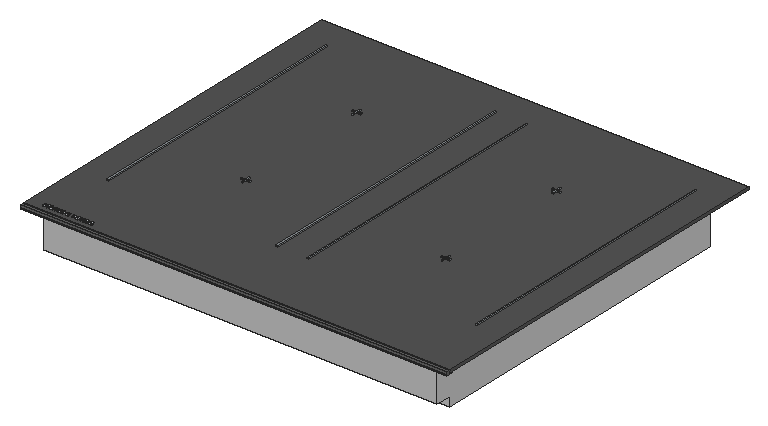
Revit family "FP_Revit_18_CI244DTB4_Cooktop_90000838B", category Specialty Equipment, Revit 2018
Family settings
  Round Connector Dimension = Use Diameter
  Part Type = Normal
  OmniClass Number = 23.40.40.14.17.11
  OmniClass Title = Cookers, Ovens, Stoves
  Work Plane-Based = No
  Always vertical = Yes
  Cut with Voids When Loaded = Yes
  Shared = No
  Room Calculation Point = No
Parameters
  Visibility - Clearance Required = yes
  URL = "www.fisherpaykel.com"
  Product - Width = 599 mm  # constant formula
  Product - Height = 99 mm  # constant formula
  Product - Depth = 530 mm  # constant formula
  Model = "CI244DTB4"
  Material - Trim = Fisher & Paykel - Aluminium, Dark
  Material - Graphics = Fisher & Paykel - Graphics Grey
  Material - Cooktop = Fisher & Paykel - Glass, Black
  Material - Body = Fisher & Paykel - Grey
  Manufacturer = "Fisher & Paykel Appliances"
  FFL Offset [instance] = 915 mm
  Description = "24\" Induction Cooktop"
  Connector Note - Electrical = "208 or 240 V, 26 A or 30 A, 60 Hz,"
  Clearance - Side of cooktop to nearest Combustible Surface = 10.5 mm  # constant formula
  Clearance - Rear of cooktop to nearest Combustible Surface = 8 mm  # constant formula
  Clearance - Overhead Rangehood = 650 mm  # constant formula
  Clearance - Overhead Non-Combustible = 610 mm  # constant formula
  Clearance - Overhead Combustible = 762 mm  # constant formula
  Clearance - Below = 95 mm  # constant formula
  Chassis - Width = 552 mm  # constant formula
  Chassis - Height = 62 mm  # constant formula
  Chassis - Depth = 480 mm  # constant formula
  Cavity - Width = 560 mm  # constant formula
  Cavity - Height = 95 mm  # constant formula
  Cavity - Depth = 490 mm  # constant formula
Reference planes
  plane 1 "Datum": y = 0
  plane 2: z = 0
  plane 3 "Center (Left/Right)": x = 0
  plane 4 "Product LHS": x = -299.5
  plane 5 "Product RHS": x = 299.5
  plane 6 "Product - Depth": y = 530
  plane 7 "Cavity LHS": x = -280
  plane 8 "Cavity RHS": x = 280
  plane 9 "Chassis - Front": y = 12.2
  plane 10 "Cavity - Depth": y = 498.7
  plane 11 "Chassis - Depth": y = 492.2
  plane 12 "Basepan": z = 853
  plane 13 "Countertop": z = 915
  plane 14 "Glass": z = 920
  plane 15 "Cavity - Front": y = 8.7
Forms (mm)
  Extrusion 1, solid, material "Fisher & Paykel - Glass, Black" <- "Material - Cooktop"
    sketch origin (0, 0, 0) x (0, 1, 0) y (0, 0, 1)
      loop
        line (5.299, 920) -> (5.299, 916) -> (530, 916) -> (530, 920) -> (5.299, 920)
    from -299.5 to 299.5
  Extrusion 2, solid, material "Fisher & Paykel - Aluminium, Dark" <- "Material - Trim", detail levels fine
    sketch origin (0, 0, 0) x (0, 1, 0) y (0, 0, 1)
      loop
        line (5.299, 920) -> (0.45, 920) -> (0, 916.5) -> (0, 915) -> (8.39, 915) -> (8.39, 916) -> (5.299, 916) -> (5.299, 920)
    from -299.5 to 299.5
  Extrusion 3, solid, material "Fisher & Paykel - Clearance Required (Cutout)", visible <- "Visibility - Clearance Required", detail levels coarse
    sketch origin (0, 0, 0) x (1, 0, 0) y (0, 1, 0)
      loop
        line (-280, 498.7) -> (-280, 8.7) -> (280, 8.7) -> (280, 498.7) -> (-280, 498.7)
    from 820 to 915
  Extrusion 4, solid, material "Fisher & Paykel - Aluminium, Dark" <- "Material - Trim", detail levels coarse+medium
    sketch origin (0, 0, 0) x (0, 1, 0) y (0, 0, 1)
      loop
        line (5.299, 920) -> (0, 920) -> (0, 915) -> (5.299, 915) -> (5.299, 920)
    from -299.5 to 299.5
  Extrusion 5, solid, material "Fisher & Paykel - Clearance Required (Combustible)", visible <- "Visibility - Clearance Required", detail levels coarse
    sketch origin (0, -0.687, 0) x (1, 0, 0) y (0, 1, 0)
      loop
        line (299.5, 0.687) -> (310, 0.687) -> (310, 538.687) -> (-310, 538.687) -> (-310, 0.687) -> (-299.5, 0.687) -> (-299.5, 530.687) -> (299.5, 530.687) -> (299.5, 0.687)
    from 920 to 1570
  Extrusion 6, solid, material "Fisher & Paykel - Clearance Required (Non-Combustible)", visible <- "Visibility - Clearance Required", detail levels coarse
    sketch origin (0, 0, 0) x (1, 0, 0) y (0, 1, 0)
      loop
        line (-299.5, 0) -> (299.5, 0) -> (299.5, 530) -> (-299.5, 530) -> (-299.5, 0)
    from 920 to 1530
  Extrusion 7, solid, material "Fisher & Paykel - Clearance Required (Rangehood)", visible <- "Visibility - Clearance Required", detail levels coarse
    sketch origin (0, 0, 0) x (1, 0, 0) y (0, 1, 0)
      loop
        line (-299.5, 530) -> (-299.5, 0) -> (299.5, 0) -> (299.5, 530) -> (-299.5, 530)
    from 1530 to 1570
  Extrusion 8, solid, material "Fisher & Paykel - Grey" <- "Material - Body"
    sketch origin (0, 0, 0) x (0, 1, 0) y (0, 0, 1)
      loop
        line (34.2, 865.8) -> (34.2, 853) -> (492.2, 853) -> (492.2, 915) -> (12.2, 915) -> (12.2, 865.8) -> (34.2, 865.8)
    from -276 to 276
  Extrusion 9, solid, material "Fisher & Paykel - Grey" <- "Material - Body"
    sketch origin (0, 0, 0) x (1, 0, 0) y (0, 1, 0)
      loop
        line (-290, 520.2) -> (-290, 8.39) -> (290, 8.39) -> (290, 520.2) -> (-290, 520.2)
    from 915 to 916
  Extrusion 10, solid, material "Fisher & Paykel - Graphics Grey" <- "Material - Graphics", detail levels fine
    sketch origin (0, 0, 0) x (1, 0, 0) y (0, 1, 0)
      loop
        line (-260.343, 487.163) -> (-260.343, 103.245) -> (-258.143, 103.245) -> (-258.143, 487.163) -> (-260.343, 487.163)
      loop
        line (257.988, 487.432) -> (257.988, 103.245) -> (260.188, 103.245) -> (260.188, 487.432) -> (257.988, 487.432)
      loop
        line (22.728, 103.245) -> (22.728, 487.432) -> (20.728, 487.432) -> (20.728, 103.245) -> (22.728, 103.245)
      loop
        line (-20.643, 487.432) -> (-22.842, 487.432) -> (-22.842, 103.245) -> (-20.643, 103.245) -> (-20.643, 487.432)
      loop
        line (-141.406, 397.825) -> (-141.406, 392.659) -> (-146.572, 392.659) -> (-146.572, 390.691) -> (-141.406, 390.691) -> (-141.406, 385.525) -> (-139.438, 385.525) -> (-139.438, 390.691) -> (-134.272, 390.691) -> (-134.272, 392.659) -> (-139.438, 392.659) -> (-139.438, 397.825) -> (-141.406, 397.825)
      loop
        line (-141.406, 203.81) -> (-141.406, 198.644) -> (-146.572, 198.644) -> (-146.572, 196.676) -> (-141.406, 196.676) -> (-141.406, 191.51) -> (-139.438, 191.51) -> (-139.438, 196.676) -> (-134.272, 196.676) -> (-134.272, 198.644) -> (-139.438, 198.644) -> (-139.438, 203.81) -> (-141.406, 203.81)
      loop
        line (141.406, 397.825) -> (139.438, 397.825) -> (139.438, 392.659) -> (134.272, 392.659) -> (134.272, 390.691) -> (139.438, 390.691) -> (139.438, 385.525) -> (141.406, 385.525) -> (141.406, 390.691) -> (146.572, 390.691) -> (146.572, 392.659) -> (141.406, 392.659) -> (141.406, 397.825)
      loop
        line (141.406, 203.81) -> (139.438, 203.81) -> (139.438, 198.644) -> (134.272, 198.644) -> (134.272, 196.676) -> (139.438, 196.676) -> (139.438, 191.51) -> (141.406, 191.51) -> (141.406, 196.676) -> (146.572, 196.676) -> (146.572, 198.644) -> (141.406, 198.644) -> (141.406, 203.81)
    from 920 to 921
  Extrusion 11, void
    sketch origin (0, 0, 0) x (1, 0, 0) y (0, 1, 0)
      loop
        line (-280, 8.7) -> (280, 8.7) -> (280, 498.7) -> (-280, 498.7) -> (-280, 8.7)
    from 820 to 915
Text (mm)
  text "Due to ongoing product development, product details are subject to change without notice. \nPlease always refer to www.fisherpaykel.com for the most current product information. \n© Fisher & Paykel 2020" at (41.04, -387.478, 0), in view "Ref. Level (Plan)"
Dimensions and locks
  equal spacing: plane 4 "Product LHS", plane 3 "Center (Left/Right)", plane 5 "Product RHS"
  "Product - Width": plane 4 "Product LHS" to plane 5 "Product RHS"
  equal spacing: plane 7 "Cavity LHS", plane 3 "Center (Left/Right)", plane 8 "Cavity RHS"
  "Cavity - Width": plane 7 "Cavity LHS" to plane 8 "Cavity RHS"
  "Product - Depth": Extrusion 1 to plane 1 "Datum"
  equal spacing: Extrusion 8, plane 3 "Center (Left/Right)", Extrusion 8
  "Chassis - Width": Extrusion 8 to Extrusion 8
  plane 1 "Datum" to plane 9 "Chassis - Front" = 12.2 mm
  "Chassis - Depth": plane 11 "Chassis - Depth" to plane 9 "Chassis - Front"
  equal spacing: Extrusion 9 sketch curve, plane 3 "Center (Left/Right)", Extrusion 9 sketch curve
  plane 4 "Product LHS" to Extrusion 9 sketch curve = 9.5 mm
  locked: plane 14 "Glass" to plane 13 "Countertop" at 5
  "Chassis - Height": plane 13 "Countertop" to plane 12 "Basepan"
  "FFL Offset": plane 13 "Countertop" to level
  "Clearance - Overhead Non-Combustible": plane 14 "Glass" to Extrusion 7
  "Clearance - Overhead Rangehood": Extrusion 7 to plane 14 "Glass"
  locked: Extrusion 1 sketch curve to plane 13 "Countertop" at 1
  locked: Extrusion 10 to plane 14 "Glass" at 1
  locked: plane 12 "Basepan" to nested 2 at 13
  locked: nested 1 to plane 14 "Glass" at 0.8
  "Clearance - Below": plane 13 "Countertop" to Extrusion 3
  locked: plane 1 "Datum" to plane 15 "Cavity - Front" at 8.7
  "Cavity - Depth": plane 15 "Cavity - Front" to plane 10 "Cavity - Depth"
  "Clearance - Rear of cooktop to nearest Combustible Surface": Extrusion 5 to plane 6 "Product - Depth"
  "Clearance - Side of cooktop to nearest Combustible Surface": Extrusion 5 to plane 4 "Product LHS"
  "Clearance - Side of cooktop to nearest Combustible Surface": plane 5 "Product RHS" to Extrusion 5
  aligned and locked: level to plane 2
  aligned and locked: Extrusion 1 to plane 5 "Product RHS"
  aligned and locked: Extrusion 1 to plane 4 "Product LHS"
  aligned and locked: Extrusion 2 to plane 5 "Product RHS"
  aligned and locked: Extrusion 7 to Extrusion 6
  aligned and locked: plane 4 "Product LHS" to Extrusion 4
  aligned and locked: Extrusion 4 to plane 5 "Product RHS"
  aligned and locked: Extrusion 4 to Extrusion 1
  aligned and locked: Extrusion 1 to Extrusion 4  (x2)
  aligned and locked: Extrusion 5 sketch curve to plane 5 "Product RHS"
  aligned and locked: plane 10 "Cavity - Depth" to Extrusion 3
  aligned and locked: plane 4 "Product LHS" to Extrusion 2
  aligned and locked: Extrusion 6 to plane 14 "Glass"
  aligned and locked: Extrusion 5 to Extrusion 6
  aligned and locked: plane 13 "Countertop" to Extrusion 3
  aligned and locked: plane 13 "Countertop" to Extrusion 8 sketch curve
  aligned and locked: Extrusion 8 sketch curve to plane 12 "Basepan"
  aligned and locked: Extrusion 1 sketch curve to plane 14 "Glass"
  aligned and locked: Extrusion 10 to Extrusion 1
  aligned and locked: Extrusion 9 to Extrusion 1
  aligned and locked: Extrusion 9 to Extrusion 3
  aligned and locked: Extrusion 4 to Extrusion 2
  aligned and locked: Extrusion 2 to Extrusion 1
  aligned and locked: Extrusion 2 to Extrusion 3
  aligned and locked: Extrusion 1 to Extrusion 2
  aligned and locked: Extrusion 11 to Extrusion 3
  aligned and locked: Extrusion 3 to Extrusion 11
  aligned and locked: Extrusion 5 to Extrusion 7
  aligned and locked: plane 15 "Cavity - Front" to Extrusion 11
  aligned and locked: plane 15 "Cavity - Front" to Extrusion 3
Automatic sketch dimensions
  Extrusion 1 sketch curve to plane 6 "Product - Depth" = 0 mm
  Extrusion 2 sketch curve to plane 1 "Datum" = 0 mm
  Extrusion 2 sketch curve to plane 14 "Glass" = 0 mm
  Extrusion 2 sketch curve to plane 13 "Countertop" = 0 mm
  Extrusion 2 sketch curve to plane 1 "Datum" = 0.45 mm
  Extrusion 2 sketch curve to Extrusion 2 sketch curve = 1 mm
  Extrusion 2 sketch curve to Extrusion 2 sketch curve = 1.5 mm
  Extrusion 3 sketch curve to plane 10 "Cavity - Depth" = 0 mm
  plane 7 "Cavity LHS" to Extrusion 3 sketch curve = 0 mm
  Extrusion 3 sketch curve to plane 8 "Cavity RHS" = 0 mm
  Extrusion 4 sketch curve to plane 1 "Datum" = 0 mm
  Extrusion 4 sketch curve to plane 13 "Countertop" = 0 mm
  Extrusion 4 sketch curve to plane 14 "Glass" = 0 mm
  plane 1 "Datum" to Extrusion 5 sketch curve = 0 mm  (x2)
  Extrusion 5 sketch curve to plane 4 "Product LHS" = 0 mm
  Extrusion 5 sketch curve to plane 6 "Product - Depth" = 0 mm
  plane 4 "Product LHS" to Extrusion 5 sketch curve = 10.5 mm
  Extrusion 5 sketch curve to plane 5 "Product RHS" = 10.5 mm
  plane 6 "Product - Depth" to Extrusion 5 sketch curve = 8 mm
  Extrusion 6 sketch curve to plane 4 "Product LHS" = 0 mm
  Extrusion 6 sketch curve to plane 5 "Product RHS" = 0 mm
  plane 1 "Datum" to Extrusion 6 sketch curve = 0 mm
  Extrusion 6 sketch curve to plane 6 "Product - Depth" = 0 mm
  plane 1 "Datum" to Extrusion 7 sketch curve = 0 mm
  Extrusion 7 sketch curve to plane 4 "Product LHS" = 0 mm
  Extrusion 7 sketch curve to plane 5 "Product RHS" = 0 mm
  Extrusion 7 sketch curve to plane 6 "Product - Depth" = 0 mm
  Extrusion 8 sketch curve to plane 9 "Chassis - Front" = 0 mm
  Extrusion 8 sketch curve to plane 11 "Chassis - Depth" = 0 mm
  Extrusion 8 sketch curve to plane 9 "Chassis - Front" = 22 mm
  Extrusion 8 sketch curve to Extrusion 8 sketch curve = 12.8 mm
  Extrusion 9 sketch curve to plane 6 "Product - Depth" = 9.8 mm
  Extrusion 10 sketch curve to plane 7 "Cavity LHS" = 19.657 mm
  Extrusion 10 sketch curve to Extrusion 10 sketch curve = 2.2 mm  (x3)
  Extrusion 10 sketch curve to plane 7 "Cavity LHS" = 133.428 mm  (x2)
  Extrusion 10 sketch curve to Extrusion 10 sketch curve = 5.166 mm  (x16)
  Extrusion 10 sketch curve to Extrusion 10 sketch curve = 0 mm  (x10)
  Extrusion 10 sketch curve to Extrusion 10 sketch curve = 1.968 mm  (x15)
  Extrusion 10 sketch curve to plane 11 "Chassis - Depth" = 4.768 mm  (x3)
  Extrusion 10 sketch curve to plane 3 "Center (Left/Right)" = 22.842 mm
  plane 3 "Center (Left/Right)" to Extrusion 10 sketch curve = 20.728 mm
  Extrusion 10 sketch curve to Extrusion 10 sketch curve = 2 mm
  plane 3 "Center (Left/Right)" to Extrusion 10 sketch curve = 134.272 mm  (x2)
  plane 8 "Cavity RHS" to Extrusion 10 sketch curve = 22.012 mm
  Extrusion 10 sketch curve to plane 11 "Chassis - Depth" = 5.037 mm
  Extrusion 10 sketch curve to plane 11 "Chassis - Depth" = 94.375 mm  (x2)
  Extrusion 10 sketch curve to Extrusion 10 sketch curve = 181.715 mm  (x2)
  Extrusion 10 sketch curve to plane 9 "Chassis - Front" = 91.045 mm  (x3)
  Extrusion 11 sketch curve to plane 10 "Cavity - Depth" = 0 mm
  plane 7 "Cavity LHS" to Extrusion 11 sketch curve = 0 mm
  Extrusion 11 sketch curve to plane 8 "Cavity RHS" = 0 mm
  Extrusion 1 sketch curve to plane 1 "Datum" = 5.299 mm
  Extrusion 2 sketch curve to Extrusion 2 sketch curve = 4.85 mm
  Extrusion 2 sketch curve to Extrusion 2 sketch curve = 3.09 mm
  plane 9 "Chassis - Front" to Extrusion 3 sketch curve = 3.5 mm
  Extrusion 4 sketch curve to Extrusion 4 sketch curve = 5.299 mm
  plane 9 "Chassis - Front" to Extrusion 9 sketch curve = 3.81 mm
  plane 9 "Chassis - Front" to Extrusion 11 sketch curve = 3.5 mm
Nested families
  nested 1: "F&P Logo 70mm Horizontal" at (-244.001, 14.253, 920), type "F&P Logo 70mm Horizontal"
  nested 2: "F&P Power Connection Cooktop" at (202.001, 168.301, 915) x (0.7071, -0.7071, 0) z (0, 0, 1), type "F&P Power Connection Cooktop"
Connectors
  electrical at (124.869, 147.737, 832.8), driven by "Connector Note - Electrical"
    settings: on nested 2, index 2, voltage 120 V, apparent load 0 VA, apparent load phase1 0 VA, apparent load phase2 0 VA, apparent load phase3 0 VA, power factor 1, load classification "Other", number of poles 2, system type 30, power factor state 1, is connector primary yes, connector utility no, sub classification motor no, connector description "208 or 240 V, 26 A or 30 A, 60 Hz,"
Definition of nested family "F&P Logo 70mm Horizontal"
  Parameters (values of type "F&P Logo 70mm Horizontal")
    URL = "www.fisherpaykel.com"
    Material - Logo = none
    Manufacturer = "Fisher & Paykel Appliances"
  Reference planes
    plane 1 "Center (Front/Back)": y = 0
    plane 2: z = 0
    plane 3 "Center (Left/Right)": x = 0
  Forms (mm)
    Extrusion 1, solid, material <- "Material - Logo", detail levels fine
      sketch origin (0, 0, 0) x (1, 0, 0) y (0, 1, 0)
        loop
          line (-34.997, -0.356) -> (-33.895, -0.356) -> (-33.895, 1.141) -> (-32.174, 1.141) -> (-32.174, 2.075) -> (-33.895, 2.075) -> (-33.895, 2.943) -> (-32.023, 2.943) -> (-32.023, 3.872) -> (-34.997, 3.872) -> (-34.997, -0.356)
        loop
          line (-29.929, 3.872) -> (-29.929, -0.356) -> (-28.828, -0.356) -> (-28.828, 3.872) -> (-29.929, 3.872)
        loop
          line (-21.473, 3.872) -> (-21.473, -0.356) -> (-20.372, -0.356) -> (-20.372, 1.338) -> (-18.754, 1.338) -> (-18.754, -0.356) -> (-17.652, -0.356) -> (-17.652, 3.872) -> (-18.754, 3.872) -> (-18.754, 2.268) -> (-20.372, 2.268) -> (-20.372, 3.872) -> (-21.473, 3.872)
        loop
          line (-15.301, 3.872) -> (-15.301, -0.356) -> (-12.288, -0.356) -> (-12.288, 0.444) -> (-14.209, 0.444) -> (-14.209, 1.338) -> (-12.453, 1.338) -> (-12.453, 2.268) -> (-14.209, 2.268) -> (-14.209, 3.072) -> (-12.288, 3.072) -> (-12.288, 3.872) -> (-15.301, 3.872)
        loop
          line (32, 3.872) -> (32, -0.356) -> (35.003, -0.356) -> (35.003, 0.574) -> (33.102, 0.574) -> (33.102, 3.872) -> (32, 3.872)
        loop
          line (29.735, 3.872) -> (26.712, 3.872) -> (26.712, -0.356) -> (29.735, -0.356) -> (29.735, 0.444) -> (27.814, 0.444) -> (27.814, 1.338) -> (29.57, 1.338) -> (29.57, 2.268) -> (27.814, 2.268) -> (27.814, 3.072) -> (29.735, 3.072) -> (29.735, 3.872)
        loop
          line (23.449, 1.848) -> (25.012, 3.872) -> (23.724, 3.872) -> (22.374, 2.124) -> (22.374, 3.872) -> (21.273, 3.872) -> (21.273, -0.356) -> (22.374, -0.356) -> (22.374, 1.538) -> (23.765, -0.356) -> (25.067, -0.356) -> (23.449, 1.848)
        loop
          line (15.42, 3.872) -> (17.017, 1.338) -> (17.017, -0.356) -> (18.119, -0.356) -> (18.119, 1.283) -> (19.717, 3.872) -> (18.546, 3.872) -> (17.603, 2.239) -> (16.66, 3.872) -> (15.42, 3.872)
        loop
          line (12.969, 3.872) -> (11.922, 3.872) -> (10.2, -0.356) -> (11.282, -0.356) -> (11.585, 0.422) -> (13.278, 0.422) -> (13.581, -0.356) -> (14.69, -0.356) -> (12.969, 3.872)
        loop
          line (12.913, 1.352) -> (12.419, 2.566) -> (11.946, 1.352) -> (12.913, 1.352)
        loop
          line (5.556, 3.872) -> (5.556, -0.356) -> (6.653, -0.356) -> (6.653, 1.001) -> (7.453, 1.001)
          spline (7.453, 1.001) -> (7.884, 1.05) -> (8.285, 1.193) -> (8.63, 1.421) -> (8.895, 1.719) -> (9.061, 2.065) -> (9.118, 2.436) -> (9.061, 2.808) -> (8.895, 3.154) -> (8.63, 3.452) -> (8.285, 3.68) -> (7.884, 3.823) -> (7.453, 3.872)
          line (7.453, 3.872) -> (5.556, 3.872)
        loop
          spline (7.385, 1.882) -> (7.558, 1.9) -> (7.72, 1.953) -> (7.858, 2.037) -> (7.965, 2.147) -> (8.032, 2.275) -> (8.055, 2.412) -> (8.032, 2.55) -> (7.965, 2.677) -> (7.858, 2.787) -> (7.72, 2.872) -> (7.558, 2.924) -> (7.385, 2.943)
          line (7.385, 2.943) -> (6.585, 2.943) -> (6.585, 1.882) -> (7.385, 1.882)
        loop
          line (-8.294, 2.943) -> (-9.094, 2.943) -> (-9.094, 1.781) -> (-8.294, 1.781)
          spline (-8.294, 1.781) -> (-8.121, 1.801) -> (-7.96, 1.859) -> (-7.822, 1.951) -> (-7.716, 2.072) -> (-7.649, 2.212) -> (-7.626, 2.362) -> (-7.649, 2.512) -> (-7.716, 2.652) -> (-7.822, 2.772) -> (-7.96, 2.865) -> (-8.121, 2.923) -> (-8.294, 2.943)
        loop
          line (-8.214, 3.872) -> (-10.262, 3.872) -> (-10.262, -0.356) -> (-9.094, -0.356) -> (-9.094, 0.492) -> (-8.294, 0.492) -> (-7.647, -0.356) -> (-6.373, -0.356) -> (-7.445, 1.016)
          spline (-7.445, 1.016) -> (-7.148, 1.205) -> (-6.902, 1.45) -> (-6.72, 1.739) -> (-6.611, 2.058) -> (-6.58, 2.391) -> (-6.628, 2.723) -> (-6.754, 3.037) -> (-6.95, 3.317) -> (-7.208, 3.551) -> (-7.515, 3.726) -> (-7.856, 3.835) -> (-8.214, 3.872)
        loop
          line (0.368, 2.943) -> (0.368, 3.951) -> (-2.559, 3.951) -> (-2.559, 3.151) -> (-2.048, 2.522)
          spline (-2.048, 2.522) -> (-2.373, 2.187) -> (-2.606, 1.789) -> (-2.731, 1.355) -> (-2.74, 0.914) -> (-2.632, 0.497) -> (-2.414, 0.133) -> (-2.102, -0.155) -> (-1.716, -0.347) -> (-1.283, -0.429) -> (-0.832, -0.395) -> (-0.395, -0.249) -> (0, 0)
          line (0, 0) -> (0.504, -0.621) -> (1.644, -0.621) -> (0.602, 0.712) -> (1.591, 2.137) -> (0.459, 2.137) -> (0.003, 1.48) -> (-1.14, 2.943) -> (0.368, 2.943)
        loop
          spline (-1.353, 1.874) -> (-1.563, 1.673) -> (-1.729, 1.449) -> (-1.839, 1.217) -> (-1.886, 0.992) -> (-1.867, 0.792) -> (-1.783, 0.627) -> (-1.639, 0.511) -> (-1.447, 0.451) -> (-1.218, 0.451) -> (-0.968, 0.512) -> (-0.714, 0.628) -> (-0.475, 0.792)
          line (-0.475, 0.792) -> (-1.353, 1.874)
        loop
          arc (-25.449, 3.004) -> (-24.591, 2.949) -> (-23.808, 2.592) r 2.379
          line (-23.808, 2.592) -> (-23.808, 3.586)
          arc (-23.808, 3.586) -> (-24.619, 3.915) -> (-25.494, 3.936) r 2.437
          arc (-25.494, 3.936) -> (-26.617, 2.99) -> (-26.18, 1.588) r 1.327
          arc (-26.18, 1.588) -> (-25.746, 1.367) -> (-25.276, 1.236) r 2.46
          spline (-25.276, 1.236) -> (-25.124, 1.211) -> (-24.98, 1.158) -> (-24.856, 1.083) -> (-24.761, 0.989) -> (-24.703, 0.886) -> (-24.686, 0.78) -> (-24.713, 0.681) -> (-24.78, 0.596) -> (-24.882, 0.532) -> (-25.011, 0.494) -> (-25.158, 0.485) -> (-25.311, 0.505)
          arc (-25.311, 0.505) -> (-26.045, 0.647) -> (-26.714, 0.98) r 2.761
          line (-26.714, 0.98) -> (-26.714, -0.067)
          arc (-26.714, -0.067) -> (-25.66, -0.377) -> (-24.564, -0.318) r 3.237
          arc (-24.564, -0.318) -> (-23.597, 0.72) -> (-24.205, 2.002) r 1.263
          arc (-24.205, 2.002) -> (-24.834, 2.249) -> (-25.488, 2.42) r 5.78
          spline (-25.488, 2.42) -> (-25.537, 2.449) -> (-25.58, 2.49) -> (-25.615, 2.541) -> (-25.639, 2.6) -> (-25.653, 2.664) -> (-25.654, 2.73) -> (-25.644, 2.795) -> (-25.622, 2.856) -> (-25.59, 2.909) -> (-25.549, 2.953) -> (-25.502, 2.985) -> (-25.449, 3.004)
      from 0 to 0.8
  Dimensions and locks
    Extrusion 1 sketch curve to Extrusion 1 sketch curve = 70 mm
    aligned and locked: level to plane 2
Definition of nested family "F&P Power Connection Cooktop"
  Parameters (values of type "F&P Power Connection Cooktop")
    URL = "www.fisherpaykel.com"
    Model = ""
    Material - Body = none
    Manufacturer = "Fisher & Paykel Appliances"
    Description = ""
  Reference planes
    plane 1 "Center (Front/Back)": y = 0
    plane 2: z = 0
    plane 3 "Center (Left/Right)": x = 0
  Forms (mm)
    Extrusion 1, solid, material <- "Material - Body"
      sketch origin (-399.3, -461.987, 0) x (1, 0, 0) y (0, 1, 0)
        loop
          line (371.3, 470.923) -> (371.3, 477.382)
          arc (371.3, 477.382) -> (365.3, 483.382) -> (359.3, 477.382) r 6
          line (359.3, 477.382) -> (359.3, 470.923) -> (371.3, 470.923)
        loop
          circle (365.3, 477.382) r 2
        loop
          line (371.3, 453.05) -> (359.3, 453.05) -> (359.3, 446.592)
          arc (359.3, 446.592) -> (365.3, 440.592) -> (371.3, 446.592) r 6
          line (371.3, 446.592) -> (371.3, 453.05)
        loop
          circle (365.3, 446.592) r 2
      from -85 to -75
    Revolve 2, solid, material <- "Material - Body"
      sketch origin (-399.3, 0, 0) x (1, 0, 0) y (0, 0, 1)
        loop
          line (359.3, -70.404) -> (359.3, -82.2) -> (411.196, -82.2)
          arc (411.196, -82.2) -> (407.741, -73.859) -> (399.4, -70.404) r 11.796
          line (399.4, -70.404) -> (359.3, -70.404)
        axis (359.3, -82.2) -> (411.196, -82.2)
      angle from 0 to 360
    Revolve 3, solid, material <- "Material - Body"
      sketch origin (-399.3, 0, 0) x (1, 0, 0) y (0, 0, 1)
        loop
          line (410.3, -62) -> (399.3, -62) -> (399.3, -82.2) -> (410.3, -82.2) -> (410.3, -62)
        axis (399.3, -62) -> (399.3, -82.2)
      angle from 0 to 360
    Sweep 4, solid, material <- "Material - Body"
      path origin (-399.3, -461.987, 0) x (1, 0, 0) y (0, 1, 0)
        loop
          line (359.3, 392.906) -> (280.841, 392.906)
          arc (280.841, 392.906) -> (222.158, 372.738) -> (188.271, 320.757) r 95.459
          arc (188.271, 320.757) -> (14.034, 258.449) -> (22.747, 443.286) r 111.355
          arc (22.747, 443.286) -> (55.057, 457.224) -> (89.922, 461.987) r 130
          line (89.922, 461.987) -> (359.3, 461.987)
      profile origin (-174.689, 0, 0) x (0, 1, 0) y (0, 0, 1)
        loop
          circle (0, -82.2) r 11
    Extrusion 5, solid, material <- "Material - Body", detail levels medium+fine
      sketch origin (-170.063, -461.987, 0) x (0, 1, 0) y (0, 0, 1)
        loop
          circle (392.954, -77.981) r 3
        loop
          circle (388.579, -82.669) r 3
        loop
          circle (397.329, -82.669) r 3
        loop
          circle (392.954, -87.356) r 3
      from 160 to 130.063
  Cuts and joins
    joined: Extrusion 1, Revolve 2, Revolve 3
  Text (mm)
    text "Due to ongoing product development, product details are subject to change without notice. \nPlease always refer to www.fisherpaykel.com for the most current product information. \n© Fisher & Paykel 2020" at (41.04, -387.478, 0), in view "Ref. Level (Plan)"
  Dimensions and locks
    aligned and locked: level to plane 2
